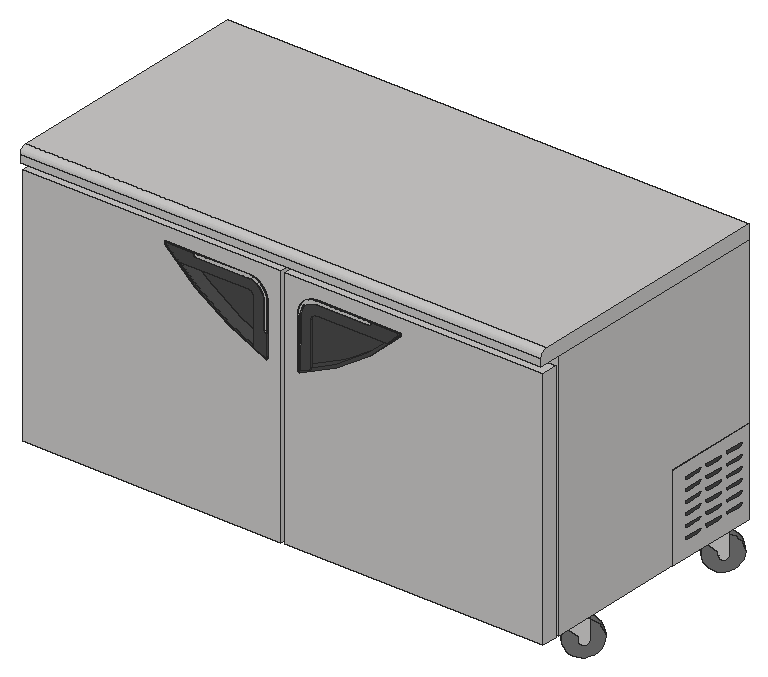
Revit family "QF_Turbo Air_TUF-60SD", category Specialty Equipment, Revit 2012
Parameters
  Weight in Pounds = 282
  Watermarked By = "http://revitwatermark.com"
  Volts = 115 V
  URL Cutsheet = ""
  URL = "www.turboairinc.com"
  Status [instance] = ""
  Specification by User [instance] = ""
  Specification by Manufacturer [instance] = ""
  Serial Number [instance] = ""
  Revision Code [instance] = ""
  Phase = 1
  Number of Poles [instance] = 1
  NAFEM Spec ID Number [instance] = ""
  Model = "TUF-60SD"
  Masterspec [instance] = ""
  Manufacturer = "Turbo Air"  # constant formula
  Legs [instance] = [6 inch Legs]  # no
  Item Number [instance] = "-"
  Installed By [instance] = ""
  HP = "1/2"
  Furnished By [instance] = ""
  Foodservice Equipment Identifier = yes
  FL Amps = 9 A
  Electrical Remarks [instance] = ""
  Electric Connection Type [instance] = ""
  Elec Conn RI Height [instance] = 0' - 0"
  Elec Conn Connection Height = 1' - 0"
  Description = "Undercounter Freezer"
  Cycle = 60 Hz
  Conn Plug = "NEMA 5-15P"
  Casters [instance] = not(Legs)  # yes
  CasterLeg Height [instance] = if([4 inch Casters], 0' 5", if([5 inch Casters], 0' 5 3/4", if([2_5 inch Casters], 0' 3 3/8", 0' 6")))  # 0' - 5"
  CSI MasterFormat = "11 41 13"
  Assembly Code = "E1090320"
  Apparent Power = if(Phase = 3, Volts * FL Amps * 1.73, Volts * FL Amps)  # 1035 VA
  6 inch Legs [instance] = no
  5 inch Casters [instance] = no
  4 inch Casters [instance] = yes
  2_5 inch Casters [instance] = no
Reference planes (in)
  plane 1 "BACK": y = 0
  plane 2: z = 0
  plane 3 "LEFT": x = -20.78844
  plane 4 "Bottom": z = 5
  plane 5 "Back Stops": y = 1
  plane 6 "RIGHT": x = 39.46156
  plane 7 "FRONT": y = -30
  plane 8 "Door Clearance": y = -57.875
  plane 9 "Back of Door": y = -27.875
  plane 10 "Front of Box": y = -27.375
  plane 11 "Top of Door": z = 33.125
  plane 12 "TOP": z = 35.625
  plane 13 "Bottom of TOP": z = 34
  plane 14 "Center LR": x = 9.33656
  plane 15: x = 9.52406
  plane 16: x = 9.14906
Forms (in)
  Extrusion 1, solid, material "QF_Finishes_Stainless Steel"
    sketch origin (-20.78844, 0, 0) x (0, 1, 0) y (0, 0, 1)
      loop
        line (0, 5) -> (0, 34) -> (-27.375, 34) -> (-27.375, 5) -> (0, 5)
    from 0 to 60.25
  Extrusion 2, solid, material "QF_Finishes_Black"
    sketch origin (0, -27.375, 0) x (1, 0, 0) y (0, 0, 1)
      loop
        line (-19.78844, 32.125) -> (-19.78844, 6) -> (8.14906, 6) -> (8.14906, 32.125) -> (-19.78844, 32.125)
      loop
        line (10.52406, 32.125) -> (10.52406, 6) -> (38.46156, 6) -> (38.46156, 32.125) -> (10.52406, 32.125)
    from 0 to 0.5
  Extrusion 3, void
    sketch origin (39.46156, 0, 0) x (0, 1, 0) y (0, 0, 1)
      loop
        line (0, 5) -> (0, 15) -> (-11, 15) -> (-11, 5) -> (0, 5)
    from 0 to -1
  Extrusion 4, solid, material "QF_Finishes_Stainless Steel"
    sketch origin (39.46156, 0, 0) x (0, 1, 0) y (0, 0, 1)
      loop
        line (-10.875, 14.875) -> (-10.875, 5) -> (0, 5) -> (0, 14.875) -> (-10.875, 14.875)
      loop
        arc (-9.25, 13.5) -> (-9.10355, 13.14645) -> (-8.75, 13) r 0.5
        line (-8.75, 13) -> (-7.25, 13)
        arc (-7.25, 13) -> (-6.89645, 13.14645) -> (-6.75, 13.5) r 0.5
        line (-6.75, 13.5) -> (-9.25, 13.5)
      loop
        arc (-6.25, 13.5) -> (-6.10355, 13.14645) -> (-5.75, 13) r 0.5
        line (-5.75, 13) -> (-4.25, 13)
        arc (-4.25, 13) -> (-3.89645, 13.14645) -> (-3.75, 13.5) r 0.5
        line (-3.75, 13.5) -> (-6.25, 13.5)
      loop
        arc (-3.25, 13.5) -> (-3.10355, 13.14645) -> (-2.75, 13) r 0.5
        line (-2.75, 13) -> (-1.25, 13)
        arc (-1.25, 13) -> (-0.89645, 13.14645) -> (-0.75, 13.5) r 0.5
        line (-0.75, 13.5) -> (-3.25, 13.5)
      loop
        arc (-9.25, 12.25) -> (-9.10355, 11.89645) -> (-8.75, 11.75) r 0.5
        line (-8.75, 11.75) -> (-7.25, 11.75)
        arc (-7.25, 11.75) -> (-6.89645, 11.89645) -> (-6.75, 12.25) r 0.5
        line (-6.75, 12.25) -> (-9.25, 12.25)
      loop
        arc (-6.25, 12.25) -> (-6.10355, 11.89645) -> (-5.75, 11.75) r 0.5
        line (-5.75, 11.75) -> (-4.25, 11.75)
        arc (-4.25, 11.75) -> (-3.89645, 11.89645) -> (-3.75, 12.25) r 0.5
        line (-3.75, 12.25) -> (-6.25, 12.25)
      loop
        arc (-3.25, 12.25) -> (-3.10355, 11.89645) -> (-2.75, 11.75) r 0.5
        line (-2.75, 11.75) -> (-1.25, 11.75)
        arc (-1.25, 11.75) -> (-0.89645, 11.89645) -> (-0.75, 12.25) r 0.5
        line (-0.75, 12.25) -> (-3.25, 12.25)
      loop
        arc (-9.25, 11) -> (-9.10355, 10.64645) -> (-8.75, 10.5) r 0.5
        line (-8.75, 10.5) -> (-7.25, 10.5)
        arc (-7.25, 10.5) -> (-6.89645, 10.64645) -> (-6.75, 11) r 0.5
        line (-6.75, 11) -> (-9.25, 11)
      loop
        arc (-6.25, 11) -> (-6.10355, 10.64645) -> (-5.75, 10.5) r 0.5
        line (-5.75, 10.5) -> (-4.25, 10.5)
        arc (-4.25, 10.5) -> (-3.89645, 10.64645) -> (-3.75, 11) r 0.5
        line (-3.75, 11) -> (-6.25, 11)
      loop
        arc (-3.25, 11) -> (-3.10355, 10.64645) -> (-2.75, 10.5) r 0.5
        line (-2.75, 10.5) -> (-1.25, 10.5)
        arc (-1.25, 10.5) -> (-0.89645, 10.64645) -> (-0.75, 11) r 0.5
        line (-0.75, 11) -> (-3.25, 11)
      loop
        arc (-9.25, 9.75) -> (-9.10355, 9.39645) -> (-8.75, 9.25) r 0.5
        line (-8.75, 9.25) -> (-7.25, 9.25)
        arc (-7.25, 9.25) -> (-6.89645, 9.39645) -> (-6.75, 9.75) r 0.5
        line (-6.75, 9.75) -> (-9.25, 9.75)
      loop
        arc (-6.25, 9.75) -> (-6.10355, 9.39645) -> (-5.75, 9.25) r 0.5
        line (-5.75, 9.25) -> (-4.25, 9.25)
        arc (-4.25, 9.25) -> (-3.89645, 9.39645) -> (-3.75, 9.75) r 0.5
        line (-3.75, 9.75) -> (-6.25, 9.75)
      loop
        arc (-3.25, 9.75) -> (-3.10355, 9.39645) -> (-2.75, 9.25) r 0.5
        line (-2.75, 9.25) -> (-1.25, 9.25)
        arc (-1.25, 9.25) -> (-0.89645, 9.39645) -> (-0.75, 9.75) r 0.5
        line (-0.75, 9.75) -> (-3.25, 9.75)
      loop
        arc (-9.25, 8.5) -> (-9.10355, 8.14645) -> (-8.75, 8) r 0.5
        line (-8.75, 8) -> (-7.25, 8)
        arc (-7.25, 8) -> (-6.89645, 8.14645) -> (-6.75, 8.5) r 0.5
        line (-6.75, 8.5) -> (-9.25, 8.5)
      loop
        arc (-6.25, 8.5) -> (-6.10355, 8.14645) -> (-5.75, 8) r 0.5
        line (-5.75, 8) -> (-4.25, 8)
        arc (-4.25, 8) -> (-3.89645, 8.14645) -> (-3.75, 8.5) r 0.5
        line (-3.75, 8.5) -> (-6.25, 8.5)
      loop
        arc (-3.25, 8.5) -> (-3.10355, 8.14645) -> (-2.75, 8) r 0.5
        line (-2.75, 8) -> (-1.25, 8)
        arc (-1.25, 8) -> (-0.89645, 8.14645) -> (-0.75, 8.5) r 0.5
        line (-0.75, 8.5) -> (-3.25, 8.5)
      loop
        arc (-9.25, 7.25) -> (-9.10355, 6.89645) -> (-8.75, 6.75) r 0.5
        line (-8.75, 6.75) -> (-7.25, 6.75)
        arc (-7.25, 6.75) -> (-6.89645, 6.89645) -> (-6.75, 7.25) r 0.5
        line (-6.75, 7.25) -> (-9.25, 7.25)
      loop
        arc (-6.25, 7.25) -> (-6.10355, 6.89645) -> (-5.75, 6.75) r 0.5
        line (-5.75, 6.75) -> (-4.25, 6.75)
        arc (-4.25, 6.75) -> (-3.89645, 6.89645) -> (-3.75, 7.25) r 0.5
        line (-3.75, 7.25) -> (-6.25, 7.25)
      loop
        arc (-3.25, 7.25) -> (-3.10355, 6.89645) -> (-2.75, 6.75) r 0.5
        line (-2.75, 6.75) -> (-1.25, 6.75)
        arc (-1.25, 6.75) -> (-0.89645, 6.89645) -> (-0.75, 7.25) r 0.5
        line (-0.75, 7.25) -> (-3.25, 7.25)
    from 0 to -1
  Extrusion 5, solid, material "QF_Finishes_Black"
    sketch origin (39.46156, 0, 0) x (0, 1, 0) y (0, 0, 1)
      loop
        line (-9.875, 13.95221) -> (-9.875, 6.20221) -> (-0.375, 6.20221) -> (-0.375, 13.95221) -> (-9.875, 13.95221)
    from -0.125 to -1
  Extrusion 6, solid, material "QF_Finishes_Black"
    sketch origin (0, 0, 0) x (1, 0, 0) y (0, 0, 1)
      loop
        circle (-14.66344, 30.8125) r 0.5
      loop
        circle (33.33656, 30.8125) r 0.5
    from 0 to -1
  Extrusion 7, solid, material "QF_Finishes_Stainless Steel"
    sketch origin (0, 0, 0) x (1, 0, 0) y (0, 0, 1)
      loop
        circle (35.46156, 11.125) r 0.25
    from 0 to -0.0625
  Extrusion 8, solid, material "QF_Finishes_Polished Steel"
    sketch origin (-20.78844, 0, 0) x (0, 1, 0) y (0, 0, 1)
      loop
        line (0, 35.625) -> (-29.1875, 35.625)
        arc (-29.1875, 35.625) -> (-29.76202, 35.38702) -> (-30, 34.8125) r 0.8125
        line (-30, 34.8125) -> (-30, 34) -> (0, 34) -> (0, 35.625)
    from 0 to 60.25
Cuts and joins
  Extrusion 3 cuts Extrusion 1
Lines and regions (in)
  symbolic lines
    curve 1: line (-20.78844, 0, 35.875) -> (39.46156, 0, 35.875)
    curve 2: line (-20.78844, -30, 35.875) -> (-20.78844, 0, 35.875)
    curve 3: line (39.46156, -30, 35.875) -> (-20.78844, -30, 35.875)
    curve 4: line (39.46156, 0, 35.875) -> (39.46156, -30, 35.875)
    curve 5: line (32.83656, 1, 35.875) -> (33.83656, 1, 35.875)
    curve 6: line (-15.16344, 1, 35.875) -> (-14.16344, 1, 35.875)
    curve 7: line (-15.16344, 1, 35.875) -> (-15.16344, 0, 35.875)
    curve 8: line (-14.16344, 1, 35.875) -> (-14.16344, 0, 35.875)
    curve 9: line (32.83656, 1, 35.875) -> (32.83656, 0, 35.875)
    curve 10: line (33.83656, 1, 35.875) -> (33.83656, 0, 35.875)
  symbolic lines, style "QF_Clearances", detail levels coarse
    curve 11: line (39.46156, -30, 35.875) -> (39.46156, -57.875, 35.875)
    curve 12: arc (39.46156, -57.875, 35.875) -> (19.01345, -49.82665, 35.875) -> (9.53692, -30, 35.875) r 30
    curve 13: line (-20.78844, -30, 35.875) -> (-20.78844, -57.875, 35.875)
    curve 14: arc (-20.78844, -57.875, 35.875) -> (-0.34034, -49.82665, 35.875) -> (9.1362, -30, 35.875) r 30
Dimensions and locks (in)
  "CasterLeg Height": plane 4 "Bottom" to plane 2
  locked: plane 1 "BACK" to plane 5 "Back Stops" at 1
  locked: plane 6 "RIGHT" to plane 3 "LEFT" at 60.25
  locked: plane 7 "FRONT" to plane 1 "BACK" at 30
  locked: plane 9 "Back of Door" to plane 10 "Front of Box" at 0.5
  locked: plane 8 "Door Clearance" to plane 1 "BACK" at 57.875
  locked: plane 11 "Top of Door" to Extrusion 2 sketch curve at 1  (x2)
  locked: Extrusion 2 sketch curve to plane 3 "LEFT" at 1
  locked: Extrusion 2 sketch curve to plane 4 "Bottom" at 1  (x2)
  locked: Extrusion 3 sketch curve to plane 1 "BACK" at 11
  locked: Extrusion 3 sketch curve to plane 4 "Bottom" at 10
  locked: plane 4 "Bottom" to Extrusion 4 sketch curve at 9.875
  locked: Extrusion 4 sketch curve to plane 1 "BACK" at 10.875
  locked: Extrusion 5 sketch curve to Extrusion 5 sketch curve at 7.75
  locked: Extrusion 5 sketch curve to plane 4 "Bottom" at 1.20221
  locked: Extrusion 5 sketch curve to Extrusion 5 sketch curve at 9.5
  locked: Extrusion 5 sketch curve to plane 1 "BACK" at 0.375
  locked: nested 2 to plane 1 "BACK" at 2.5625
  locked: plane 3 "LEFT" to nested 2 at 2.5
  locked: plane 3 "LEFT" to nested 3 at 2.5
  locked: plane 10 "Front of Box" to nested 3 at 4.625
  locked: nested 4 to plane 6 "RIGHT" at 2.5
  locked: nested 5 to plane 6 "RIGHT" at 2.5
  locked: plane 10 "Front of Box" to nested 5 at 4.625
  locked: nested 4 to plane 1 "BACK" at 2.5625
  locked: plane 6 "RIGHT" to Extrusion 6 sketch curve at 6.125
  locked: Extrusion 6 sketch curve to plane 3 "LEFT" at 6.125
  locked: Extrusion 7 sketch curve to plane 4 "Bottom" at 6.125
  locked: plane 6 "RIGHT" to Extrusion 7 sketch curve at 4
  locked: plane 12 "TOP" to plane 4 "Bottom" at 30.625
  locked: plane 12 "TOP" to plane 13 "Bottom of TOP" at 1.625
  locked: plane 13 "Bottom of TOP" to plane 11 "Top of Door" at 0.875
  plane 9 "Back of Door" to plane 1 "BACK" = 2' - 3 7/8"
  equal spacing: plane 3 "LEFT", plane 14 "Center LR", plane 6 "RIGHT"
  plane 16 to plane 14 "Center LR" to plane 15 = 0' - 0 3/16" locked, 0' - 0 3/16" locked
  locked: Extrusion 2 sketch curve to plane 16 at 1
  locked: Extrusion 2 sketch curve to plane 6 "RIGHT" at 1
  locked: Extrusion 2 sketch curve to plane 15 at 1
  aligned and locked: level to plane 2
  aligned and locked: plane 6 "RIGHT" to nested 1
  aligned and locked: Extrusion 1 sketch curve to plane 1 "BACK"
  aligned and locked: Extrusion 1 sketch curve to plane 4 "Bottom"
  aligned and locked: plane 10 "Front of Box" to Extrusion 1 sketch curve
  aligned and locked: plane 6 "RIGHT" to Extrusion 1
  aligned and locked: plane 9 "Back of Door" to Extrusion 2
  aligned and locked: Extrusion 3 sketch curve to plane 1 "BACK"
  aligned and locked: Extrusion 3 sketch curve to plane 4 "Bottom"
  aligned and locked: Extrusion 6 to plane 5 "Back Stops"
  aligned and locked: plane 1 "BACK" to curve 1
  aligned and locked: curve 4 to plane 6 "RIGHT"
  aligned and locked: plane 3 "LEFT" to curve 2
  aligned and locked: curve 3 to plane 7 "FRONT"
  aligned and locked: curve 5 to Extrusion 6
  aligned and locked: curve 6 to Extrusion 6
  aligned and locked: Extrusion 1 sketch curve to plane 13 "Bottom of TOP"
  aligned and locked: plane 1 "BACK" to Extrusion 8 sketch curve
  aligned and locked: plane 13 "Bottom of TOP" to Extrusion 8 sketch curve
  aligned and locked: Extrusion 8 sketch curve to plane 7 "FRONT"
  aligned and locked: Extrusion 8 sketch curve to plane 12 "TOP"
  aligned and locked: plane 6 "RIGHT" to Extrusion 8
  aligned and locked: nested 6 to plane 4 "Bottom"
  aligned and locked: plane 4 "Bottom" to nested 1
Automatic sketch dimensions
  Extrusion 4 sketch curve to plane 1 "BACK" = 0' - 0"
  Extrusion 4 sketch curve to plane 4 "Bottom" = 0' - 0"
  Extrusion 4 sketch curve to Extrusion 4 sketch curve = 0' - 1 5/8"
  Extrusion 4 sketch curve to Extrusion 4 sketch curve = 0' - 0"  (x16)
  Extrusion 4 sketch curve to Extrusion 4 sketch curve = 0' - 0 1/2"  (x31)
  Extrusion 4 sketch curve to Extrusion 4 sketch curve = 0' - 1 1/2"  (x4)
  plane 1 "BACK" to Extrusion 4 sketch curve = 0' - 1 1/4"  (x3)
  plane 4 "Bottom" to Extrusion 4 sketch curve = 0' - 1 3/4"  (x2)
  Extrusion 4 sketch curve to Extrusion 4 sketch curve = 0' - 0 3/4"  (x15)
  Extrusion 6 sketch curve to plane 11 "Top of Door" = 0' - 2 5/16"  (x2)
  Extrusion 8 sketch curve to plane 7 "FRONT" = 0' - 0 13/16"
  plane 8 "Door Clearance" to curve 11 = 0' - 0"
  plane 8 "Door Clearance" to curve 14 = 0' - 0"
  plane 9 "Back of Door" to curve 12 = 0' - 0"
  plane 9 "Back of Door" to curve 14 = 0' - 0"
  curve 10 to plane 6 "RIGHT" = 0' - 5 5/8"
  curve 5 to curve 9 = 0' - 1"
  plane 3 "LEFT" to curve 8 = 0' - 6 5/8"
  curve 6 to curve 7 = 0' - 1"
  radius of Extrusion 6 sketch curve = 0' - 0 1/2"  (x2)
  radius of Extrusion 7 sketch curve = 0' - 0 1/4"
Nested families (in)
  nested 1: "QF_Turbo Air_TBL_Door-2" at (24.28489, -27.875, 5) x (-1, 0, 0) z (0, 0, 1), type "QF_Turbo Air_TBL_Door-2"
    with Width 2' - 5 15/16", Symbolic Lines no, Height 2' - 4 1/8", Depth 0' - 1 13/16"
  nested 2: "FESCasterLeg" at (-18.28844, -2.5625, 0), Legs <- "Legs", Casters <- "Casters", Height <- "CasterLeg Height", type "FESCasterLeg"
    with Legs no, Height 0' - 5", Casters yes, Caster Radius 0' - 2"
  nested 3: "FESCasterLeg" at (-18.28844, -22.75, 0), Legs <- "Legs", Casters <- "Casters", Height <- "CasterLeg Height", type "FESCasterLeg"
    with Legs no, Height 0' - 5", Casters yes, Caster Radius 0' - 2"
  nested 4: "FESCasterLeg" at (36.96156, -2.5625, 0), Legs <- "Legs", Casters <- "Casters", Height <- "CasterLeg Height", type "FESCasterLeg"
    with Legs no, Height 0' - 5", Casters yes, Caster Radius 0' - 2"
  nested 5: "FESCasterLeg" at (36.96156, -22.75, 0), Legs <- "Legs", Casters <- "Casters", Height <- "CasterLeg Height", type "FESCasterLeg"
    with Legs no, Height 0' - 5", Casters yes, Caster Radius 0' - 2"
  nested 6: "QF_Turbo Air_TBL_Door-2" at (-5.61177, -27.875, 5), type "QF_Turbo Air_TBL_Door-2"
    with Width 2' - 5 15/16", Symbolic Lines no, Height 2' - 4 1/8", Depth 0' - 1 13/16"
Connectors (in)
  electrical at (35.46156, 0.0625, 11.125), driven by "Number of Poles", driven by "Volts", driven by "Apparent Power"
    settings: on Extrusion 7, index 1, voltage 115 V, apparent load 1035 VA, apparent load phase1 0 VA, apparent load phase2 0 VA, apparent load phase3 0 VA, power factor 1, load classification "Other", number of poles 1, system type 30, power factor state 1, is connector primary yes, connector utility no, sub classification motor no, connector description ""
Definition of nested family "QF_Turbo Air_TBL_Door-2"
  Parameters (values of type "QF_Turbo Air_TBL_Door-2")
    Width [instance] = 1' - 6"
    Watermarked By = "http://revitwatermark.com"
    Symbolic Lines [instance] = yes
    Manufacturer = "Turbo Air"  # constant formula
    Height [instance] = 2' - 3 1/2"
    Depth [instance] = 0' - 1 13/16"
  Reference planes (in)
    plane 1 "BACK": y = 0
    plane 2: z = 0
    plane 3 "LEFT": x = -15.17667
    plane 4: x = 2.82333
    plane 5 "FRONT": y = -1.8125
    plane 6: z = 27.5
  Forms (in)
    Extrusion 1, solid, material "QF_Finishes_Stainless Steel"
      sketch origin (0, 0, 0) x (1, 0, 0) y (0, 0, 1)
        loop
          line (-15.17667, 27.5) -> (-15.17667, 0) -> (2.82333, 0) -> (2.82333, 27.5) -> (-15.17667, 27.5)
        loop
          arc (1.26083, 23.75) -> (0.62013, 25.2968) -> (-0.92667, 25.9375) r 2.1875
          line (-0.92667, 25.9375) -> (-10.51602, 25.9375)
          arc (-10.51602, 25.9375) -> (-10.68463, 25.82502) -> (-10.64553, 25.62614) r 0.18261
          arc (-10.64553, 25.62614) -> (-5.27313, 21.0225) -> (1.01159, 17.7731) r 30.65514
          arc (1.01159, 17.7731) -> (1.18191, 17.79728) -> (1.26083, 17.95014) r 0.1875
          line (1.26083, 17.95014) -> (1.26083, 23.75)
      from 0 to 1.8125
    Extrusion 2, solid, material "QF_Finishes_Black"
      sketch origin (0, 0, 0) x (1, 0, 0) y (0, 0, 1)
        loop
          arc (-10.51602, 25.9375) -> (-10.68463, 25.82502) -> (-10.64553, 25.62614) r 0.18261
          arc (-10.64553, 25.62614) -> (-5.27313, 21.0225) -> (1.01159, 17.7731) r 30.65514
          arc (1.01159, 17.7731) -> (1.18191, 17.79728) -> (1.26083, 17.95014) r 0.1875
          line (1.26083, 17.95014) -> (1.26083, 23.75)
          arc (1.26083, 23.75) -> (0.62013, 25.2968) -> (-0.92667, 25.9375) r 2.1875
          line (-0.92667, 25.9375) -> (-10.51602, 25.9375)
      from 0 to 0.25
    Extrusion 3, solid, material "QF_Finishes_Black"
      sketch origin (0, -1.8125, 0) x (1, 0, 0) y (0, 0, 1)
        loop
          arc (-10.51602, 25.9375) -> (-10.68463, 25.82502) -> (-10.64553, 25.62614) r 0.18261
          arc (-10.64553, 25.62614) -> (-5.27313, 21.0225) -> (1.01159, 17.7731) r 30.65514
          arc (1.01159, 17.7731) -> (1.18191, 17.79728) -> (1.26083, 17.95014) r 0.1875
          line (1.26083, 17.95014) -> (1.26083, 23.75)
          arc (1.26083, 23.75) -> (0.62013, 25.2968) -> (-0.92667, 25.9375) r 2.1875
          line (-0.92667, 25.9375) -> (-10.51602, 25.9375)
        loop
          arc (-10.3612, 25.6875) -> (-5.1116, 21.21513) -> (1.01083, 18.04082) r 30.40514
          line (1.01083, 18.04082) -> (1.01083, 23.75)
          arc (1.01083, 23.75) -> (0.44335, 25.12002) -> (-0.92667, 25.6875) r 1.9375
          line (-0.92667, 25.6875) -> (-10.3612, 25.6875)
      from 0 to -1.5625
    Extrusion 4, solid, material "QF_Finishes_Stainless Steel"
      sketch origin (0, -1.8125, 0) x (1, 0, 0) y (0, 0, 1)
        loop
          line (0.8693, 23.74703) -> (0.8693, 20.9359)
          arc (0.8693, 20.9359) -> (0.97619, 20.67783) -> (1.23426, 20.57094) r 0.36497
          line (1.23426, 20.57094) -> (1.23426, 23.75728)
          arc (1.23426, 23.75728) -> (0.60343, 25.28026) -> (-0.91955, 25.9111) r 2.15381
          line (-0.91955, 25.9111) -> (-7.29364, 25.9111)
          arc (-7.29364, 25.9111) -> (-7.18686, 25.6533) -> (-6.92907, 25.54652) r 0.36457
          line (-6.92907, 25.54652) -> (-0.9302, 25.54652)
          arc (-0.9302, 25.54652) -> (0.34224, 25.01946) -> (0.8693, 23.74703) r 1.79949
      from 0 to 0.0625
    Extrusion 5, solid, material "QF_Finishes_Black"
      sketch origin (0, -1.8125, 0) x (1, 0, 0) y (0, 0, 1)
        loop
          line (-7.29579, 25.91713) -> (-10.23685, 25.91713)
          arc (-10.23685, 25.91713) -> (-10.4057, 25.80626) -> (-10.37109, 25.60724) r 0.18402
          arc (-10.37109, 25.60724) -> (-9.82156, 25.0362) -> (-9.25736, 24.47964) r 30.46741
          arc (-9.25736, 24.47964) -> (-9.13766, 24.40221) -> (-8.99771, 24.37509) r 0.37471
          line (-8.99771, 24.37509) -> (-0.92669, 24.37509)
          arc (-0.92669, 24.37509) -> (-0.48472, 24.19202) -> (-0.30165, 23.75005) r 0.62505
          line (-0.30165, 23.75005) -> (-0.30165, 18.75593)
          arc (-0.30165, 18.75593) -> (-0.23944, 18.54909) -> (-0.07345, 18.41087) r 0.375
          arc (-0.07345, 18.41087) -> (0.46451, 18.18804) -> (1.00663, 17.97553) r 30.46765
          arc (1.00663, 17.97553) -> (1.17982, 17.99636) -> (1.26095, 18.15079) r 0.18755
          line (1.26095, 18.15079) -> (1.26095, 20.57213)
          arc (1.26095, 20.57213) -> (0.98629, 20.66883) -> (0.87001, 20.93579) r 0.36461
          line (0.87001, 20.93579) -> (0.87001, 23.74835)
          arc (0.87001, 23.74835) -> (0.34256, 25.02175) -> (-0.93084, 25.54921) r 1.80086
          line (-0.93084, 25.54921) -> (-6.92787, 25.54921)
          arc (-6.92787, 25.54921) -> (-7.18803, 25.65697) -> (-7.29579, 25.91713) r 0.36792
      from 0 to 0.0625
  Lines and regions (in)
    symbolic lines, visible <- "Symbolic Lines"
      curve 1: line (-15.17667, 0, 25.96875) -> (2.82333, 0, 25.96875)
      curve 2: line (-15.17667, -1.8125, 25.96875) -> (-15.17667, 0, 25.96875)
      curve 3: line (2.82333, -1.8125, 25.96875) -> (-15.17667, -1.8125, 25.96875)
      curve 4: line (2.82333, 0, 25.96875) -> (2.82333, -1.8125, 25.96875)
  Dimensions and locks (in)
    "Width": plane 4 to plane 3 "LEFT"
    "Depth": plane 5 "FRONT" to plane 1 "BACK"
    "Height": plane 6 to plane 2
    locked: plane 4 to Extrusion 1 sketch curve at 3.75
    locked: plane 6 to Extrusion 1 sketch curve at 3.75
    locked: plane 6 to Extrusion 1 sketch curve at 9.54986
    locked: plane 4 to Extrusion 1 sketch curve at 1.5625
    locked: plane 6 to Extrusion 1 sketch curve at 1.5625
    locked: plane 4 to Extrusion 1 sketch curve at 13.33935
    locked: plane 6 to Extrusion 1 sketch curve at 1.87386
    locked: plane 6 to Extrusion 1 sketch curve at 9.7269
    locked: plane 4 to Extrusion 1 sketch curve at 1.81175
    locked: plane 4 to Extrusion 1 sketch curve at 13.46886
    locked: Extrusion 4 sketch curve to Extrusion 4 sketch curve at 0.36457
    locked: Extrusion 4 sketch curve to Extrusion 4 sketch curve at 0.36497
    locked: plane 4 to Extrusion 4 sketch curve at 1.58907
    locked: plane 6 to Extrusion 4 sketch curve at 1.5889
    plane 4 to Extrusion 4 sketch curve = 0' - 10.11697"
    locked: plane 4 to Extrusion 4 sketch curve at 9.7524
    locked: plane 4 to Extrusion 4 sketch curve at 3.74288
    locked: plane 4 to Extrusion 4 sketch curve at 3.75353
    locked: plane 6 to Extrusion 4 sketch curve at 3.74272
    locked: plane 6 to Extrusion 4 sketch curve at 3.75297
    locked: plane 6 to Extrusion 4 sketch curve at 6.92906
    locked: plane 6 to Extrusion 4 sketch curve at 6.5641
    locked: plane 4 to Extrusion 2 sketch curve at 3.75
    locked: plane 4 to Extrusion 2 sketch curve at 13.33935
    locked: plane 4 to Extrusion 2 sketch curve at 13.46886
    locked: plane 4 to Extrusion 2 sketch curve at 1.81175
    locked: plane 4 to Extrusion 2 sketch curve at 1.5625
    locked: plane 4 to Extrusion 5 sketch curve at 1.56238
    locked: plane 4 to Extrusion 5 sketch curve at 1.95332
    locked: plane 4 to Extrusion 5 sketch curve at 3.75417
    locked: plane 4 to Extrusion 5 sketch curve at 9.75121
    locked: plane 4 to Extrusion 5 sketch curve at 10.11912
    locked: plane 4 to Extrusion 5 sketch curve at 13.06018
    locked: plane 4 to Extrusion 5 sketch curve at 13.19443
    locked: plane 4 to Extrusion 5 sketch curve at 12.0807
    locked: plane 4 to Extrusion 5 sketch curve at 11.82104
    locked: plane 4 to Extrusion 5 sketch curve at 3.75003
    locked: plane 4 to Extrusion 5 sketch curve at 3.12498
    locked: plane 4 to Extrusion 5 sketch curve at 2.89679
    locked: plane 4 to Extrusion 5 sketch curve at 1.81671
    aligned and locked: level to plane 2
    aligned and locked: Extrusion 1 sketch curve to plane 6
    aligned and locked: plane 3 "LEFT" to Extrusion 1 sketch curve
    aligned and locked: level to Extrusion 1 sketch curve
    aligned and locked: Extrusion 1 sketch curve to plane 4
    aligned and locked: plane 5 "FRONT" to Extrusion 1
    aligned and locked: plane 1 "BACK" to curve 1
    aligned and locked: plane 3 "LEFT" to curve 2
    aligned and locked: curve 3 to plane 5 "FRONT"
    aligned and locked: curve 4 to plane 4
    aligned and locked: Extrusion 3 sketch curve to Extrusion 1  (x4)
  Automatic sketch dimensions
    plane 4 to Extrusion 1 sketch curve = 0' - 9.03101"
    Extrusion 2 sketch curve to plane 6 = 0' - 1 9/16"
    Extrusion 2 sketch curve to Extrusion 2 sketch curve = 0' - 5.79986"
    Extrusion 2 sketch curve to Extrusion 2 sketch curve = 0' - 0.31136"
    plane 4 to Extrusion 2 sketch curve = 0' - 9.03101"
    Extrusion 2 sketch curve to Extrusion 2 sketch curve = 0' - 0.17704"
    Extrusion 3 sketch curve to Extrusion 3 sketch curve = 0' - 0.12951"
    Extrusion 3 sketch curve to Extrusion 3 sketch curve = 0' - 0.15482"
    Extrusion 3 sketch curve to Extrusion 3 sketch curve = 0' - 0"  (x4)
    Extrusion 3 sketch curve to Extrusion 3 sketch curve = 0' - 0.00075"
    Extrusion 3 sketch curve to Extrusion 3 sketch curve = 0' - 0.09068"
    Extrusion 5 sketch curve to Extrusion 5 sketch curve = 0' - 0"  (x4)
    Extrusion 5 sketch curve to Extrusion 5 sketch curve = 0' - 0.00072"
    Extrusion 5 sketch curve to Extrusion 5 sketch curve = 0' - 2.81256"
    Extrusion 5 sketch curve to Extrusion 5 sketch curve = 0' - 0.36461"
    Extrusion 5 sketch curve to Extrusion 5 sketch curve = 0' - 1.8162"
    Extrusion 5 sketch curve to plane 6 = 0' - 1.89276"
    Extrusion 5 sketch curve to Extrusion 5 sketch curve = 0' - 0.14681"
    Extrusion 5 sketch curve to Extrusion 5 sketch curve = 0' - 0.06678"
    Extrusion 5 sketch curve to plane 6 = 0' - 1.58287"
Definition of nested family "FESCasterLeg"
  Parameters (values of type "FESCasterLeg")
    Watermarked By = "http://revitwatermark.com"
    Type Comments = "⍁⍉⌁⌀⏭⎽⌇⍠⌜⍉⎖⌥⌦⌯⍭⏊⍻⍿⍊⏵⍊⏗⏠⍴⎡⌈⎀⍠⌓⌤⏘⎐⍀⌐⏬⏁⎈⏍⏦⎒⏬⌝⍩⍇⌣〈⎫〉⎁⏊⍥⍖⍥⍝⍦⌖⍀⏌⏭⎝⎼⏷⏞⍻⏯⎽⏷⏞⍻⏯⎽⏷⎺⌻⎝⍎⌧⏷⏟⏿⌿⍜⍦⍤⌁⍬⏶⏎⍊⏚⏉⎞⌡⎀⎪⏈⌟⌿⍾⍼⌟⌿⌢⌞⏜⏝⎽⍷⍷⍯⍧⍷⌯⍽⏸⏨⏾⏎⌣⏺⍹⏼⏅⎏⌽⎫⎪⍙⎓⏗⎗⏅⌴⍏⍏⍿⏑⎺⍘⌭⏲⍥⎛⎾⎾⍞⍌⎪⎲⌙⎥⏏⎟⎟⏼⏘⎏⎝⏧⏍⏁⍏⍧⏯⏾⌟"
    Legs [instance] = yes
    Height [instance] = 0' - 6"
    Caster Radius [instance] = if(Height < 0' 3", 0' 1", (Height / 2) - 0' 0 1/2")  # 0' - 2 1/2"
    Casters [instance] = yes
    Assembly Code = ""
  Reference planes (in)
    plane 1 "Center (Front/Back)": y = 0
    plane 2: z = 0
    plane 3 "Center (Left/Right)": x = 0
    plane 4: z = 6
    plane 5: z = 5.5
  Forms (in)
    Extrusion 1, solid, material "QF_Finishes_Stainless Steel", visible <- "Casters"
      sketch origin (-24.12131, -22.88887, 10.18833) x (0.707107, 0.707107, 0) y (0, 0, 1)
        loop
          line (34.98772, -7.68833) -> (34.98772, -4.93833) -> (34.48772, -4.93833) -> (34.39402, -4.68833) -> (32.39402, -4.68833) -> (32.39402, -5.43833) -> (33.98772, -7.34206) -> (33.98772, -7.68833)
          arc (33.98772, -7.68833) -> (34.48772, -8.18833) -> (34.98772, -7.68833) r 0.5
      from 0 to 1.75
    Extrusion 2, solid, material "QF_Finishes_Rubber Black", visible <- "Casters"
      sketch origin (-24.32327, -23.09083, 13.31461) x (0.707107, 0.707107, 0) y (0, 0, 1)
        loop
          circle (34.77334, -10.81461) r 2.5
      from 0.375 to 1.375
    Extrusion 3, solid, material "QF_Finishes_Stainless Steel", visible <- "Casters"
      sketch origin (-7.24148, -8.48391, 0) x (0.707107, 0.707107, 0) y (0, 0, 1)
        loop
          line (10.61603, 5.5) -> (11.61603, 5.5) -> (11.61603, 6) -> (10.61603, 6) -> (10.61603, 5.5)
      from 0 to -1.75
    Blend 4, solid, material "QF_Finishes_Stainless Steel", visible <- "Legs"
      base sketch origin (0, 0, 0) x (1, 0, 0) y (0, 1, 0)
        loop
          circle (0, 0) r 0.5
      top sketch origin (0, 0, 0) x (1, 0, 0) y (0, 1, 0)
        loop
          circle (0, 0) r 1
      from 0 to 6 <- "Height"
  Lines and regions (in)
    symbolic lines, style "QF_Hidden Details", visible <- "Casters", built-in parameter 1006206 <- "Casters"
      curve 1: line (-1.26158, -0.51911, 0) -> (1.39007, 2.13254, 0)
      curve 2: line (-0.53429, -1.24639, 0) -> (2.11736, 1.40526, 0)
    symbolic lines, style "QF_Hidden Details", built-in parameter 1006206 <- "Casters", visible <- "Casters"
      curve 3: line (-1.26158, -0.51911, 0) -> (1.39007, 2.13254, 0)
      curve 4: line (-0.53429, -1.24639, 0) -> (2.11736, 1.40526, 0)
  Dimensions and locks (in)
    locked: plane 4 to plane 5 at 0.5
    "Height": plane 4 to level
    "Caster Radius": Extrusion 2 sketch curve to level
    "Caster Radius": Extrusion 1 sketch curve to level
    "Caster Radius": radius of Extrusion 2 sketch curve
    aligned and locked: plane 2 to level
    aligned: Blend 4 to Extrusion 3
    aligned and locked: plane 4 to Blend 4
    aligned and locked: Extrusion 3 to plane 5
    aligned and locked: plane 4 to Extrusion 3
    aligned and locked: plane 5 to Extrusion 1
  Automatic sketch dimensions
    plane 1 "Center (Front/Back)" to curve 3 = 0' - 0.51911"
    curve 3 to plane 3 "Center (Left/Right)" = 0' - 1.26158"
    plane 1 "Center (Front/Back)" to curve 1 = 0' - 0.51911"
    curve 1 to curve 3 = 0' - 0"  (x3)
    curve 4 to plane 3 "Center (Left/Right)" = 0' - 0.53429"
    curve 2 to curve 4 = 0' - 0"  (x2)
    plane 3 "Center (Left/Right)" to curve 3 = 0' - 1.39007"
    curve 1 to curve 4 = 0' - 0.72729"
    curve 2 to curve 1 = 0' - 0.72729"
    curve 4 to curve 2 = 0' - 0"  (x2)
    curve 2 to plane 1 "Center (Front/Back)" = 0' - 1.40526"
    curve 2 to curve 3 = 0' - 0.72729"
    plane 5 to Extrusion 1 sketch curve = 0' - 0"
    Extrusion 1 sketch curve to Extrusion 1 sketch curve = 0' - 1.5937"
    Extrusion 1 sketch curve to Extrusion 1 sketch curve = 0' - 2"
    Extrusion 1 sketch curve to Extrusion 1 sketch curve = 0' - 0.0937"
    Extrusion 1 sketch curve to Extrusion 1 sketch curve = 0' - 0 1/2"
    Extrusion 1 sketch curve to Extrusion 1 sketch curve = 0' - 0.34627"
    Extrusion 1 sketch curve to plane 5 = 0' - 0 3/4"
    Extrusion 1 sketch curve to plane 5 = 0' - 0 1/4"
    Extrusion 3 sketch curve to plane 5 = 0' - 0"
    plane 4 to Extrusion 3 sketch curve = 0' - 0"
    Extrusion 3 sketch curve to Extrusion 3 sketch curve = 0' - 1"
    plane 1 "Center (Front/Back)" to Blend 4 sketch curve = 0' - 0"  (x2)
    Blend 4 sketch curve to plane 3 "Center (Left/Right)" = 0' - 0"  (x2)
    radius of Blend 4 sketch curve = 0' - 0 1/2"
    radius of Blend 4 sketch curve = 0' - 1"
